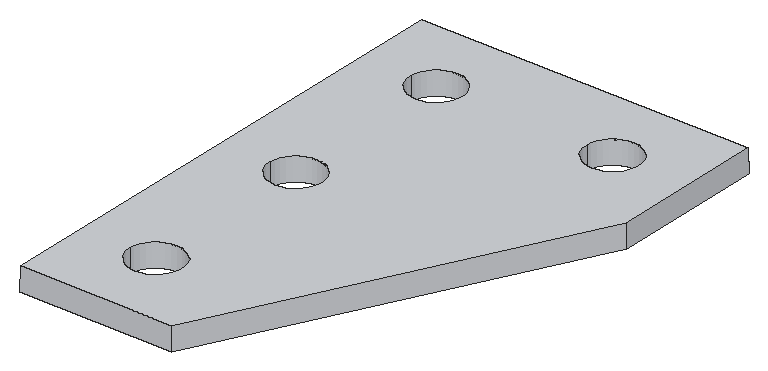
Revit family "Fitting-Flat_Plate-Unistrut-P1380", category Specialty Equipment, Revit 2012
Parameters (values of type "P1380")
  ecoScorecard_data = "http://products.ecoscorecard.com/atkore/P1380"
  ecoScorecard Product Page = "http://products.ecoscorecard.com/atkore/P1380?action=html"
  Weight Per Piece = 1.05 lbf
  Unit = none
  Unistrut Part Number = "P1380"  # constant formula
  URL = "http://unistrut.us/index.php"
  Thickness = 0' - 0 1/4"  # constant formula
  Subcategory = "Flat Plate Fittings"  # constant formula
  Product Page URL = "http://unistrut.us/index.php?WP=cat_detail&S=S05&P=P1380"
  Power Strut Part Number = "PS 750"  # constant formula
  Part Type = "Fitting"  # constant formula
  Overall Width = 0' - 5 3/8"  # constant formula
  Overall Length = 0' - 3 1/2"  # constant formula
  Model = "P1380"  # constant formula
  Material = ""
  Manufacturer Phone - Toll Free = "800-882-5543"  # constant formula
  Manufacturer Phone = "708-339-1610"  # constant formula
  Manufacturer Fax = "708-339-7814"  # constant formula
  Manufacturer Email = "mailto:jshaw@atkore.com"
  Manufacturer Address = "16100 South Lathrop Avenue, Harvey, IL 60426"  # constant formula
  Manufacturer = "Unistrut by Atkore International"  # constant formula
  Load Capacity Note = "Visit the product page for load application and capacity."  # constant formula
  Literature URL = "http://unistrut.us/index.php?WP=LItLibrary"
  Hole Diameter = 0' - 0 9/16"
  Cost Info = "mailto:jshaw@atkore.com"
  CAD URL = "http://unistrut.us/index.php?WP=CAD3d"
  Assembly Code = "D5020100"
  95 CSI = "16070"  # constant formula
  04 CSI = "26 05 48"  # constant formula
Reference planes (in)
  plane 1 "Center (Front/Back)": y = 0
  plane 2: z = 0
  plane 3 "Center (Left/Right)": x = 0
  plane 4: y = 2.6875
  plane 5: y = -2.6875
  plane 6: x = -1.75
  plane 7: x = 1.75
  plane 8: z = 0.25
  plane 9: y = 1.88046
  plane 10: y = -1.88046
Dimensions and locks (in)
  equal spacing: plane 6, plane 3 "Center (Left/Right)", plane 7
  "Overall Length": plane 6 to plane 7
  equal spacing: plane 4, plane 1 "Center (Front/Back)", plane 5
  "Overall Width": plane 4 to plane 5
  "Thickness": plane 8 to plane 2
  aligned and locked: level to plane 2
  aligned and locked: plane 3 "Center (Left/Right)" to nested 1
  aligned and locked: plane 1 "Center (Front/Back)" to nested 1
Nested families (in)
  nested 1: "1380" at (0, 0, 0), type "1380"
Definition of nested family "1380"
  Parameters (values of type "P1380")
    Width = 0' - 5 3/8"
    Unit = none
    Thickness = 0' - 0 1/4"
    Radiuis = Diameter / 2  # 0' - 0 9/32"
    Length = 0' - 3 1/2"
    Diameter = 0' - 0 9/16"
  Reference planes (in)
    plane 1 "Center (Front/Back)": y = 0
    plane 2: z = 0
    plane 3 "Center (Left/Right)": x = 0
    plane 4: y = 2.6875
    plane 5: y = -2.6875
    plane 6: x = -1.75
    plane 7: x = 1.75
    plane 8: z = 0.25
    plane 9: through (1.75, 1.0625, 48) normal (0.8944, -0.4472, 0)
  Forms (in)
    Extrusion 1, solid, material <- "Unit"
      sketch origin (0, 0, 0) x (1, 0, 0) y (0, 1, 0)
        loop
          line (-1.75, 2.6875) -> (-1.75, -2.6875) -> (-0.125, -2.6875) -> (1.75, 1.0625) -> (1.75, 2.6875) -> (-1.75, 2.6875)
        loop
          circle (-0.94377, 1.88046) r 0.28125
        loop
          circle (0.94377, 1.88046) r 0.28125
        loop
          circle (-0.94531, 0) r 0.28125
        loop
          circle (-0.94377, -1.88046) r 0.28125
      from 0 to 0.25
  Dimensions and locks (in)
    equal spacing: plane 6, plane 3 "Center (Left/Right)", plane 7
    "Length": plane 6 to plane 7
    equal spacing: plane 4, plane 1 "Center (Front/Back)", plane 5
    "Width": plane 4 to plane 5
    "Thickness": plane 8 to plane 2
    locked: plane 6 to Extrusion 1 sketch curve at 0.80623  (x2)
    locked: plane 4 to Extrusion 1 sketch curve at 0.80704  (x2)
    locked: Extrusion 1 sketch curve to plane 7 at 0.80623
    locked: plane 6 to Extrusion 1 sketch curve at 0.80469
    locked: plane 5 to Extrusion 1 sketch curve at 0.80704
    "Radiuis": radius of Extrusion 1 sketch curve  (x3)
    aligned and locked: level to plane 2
    aligned and locked: Extrusion 1 sketch curve to plane 4
    aligned and locked: Extrusion 1 sketch curve to plane 6
    aligned and locked: plane 7 to Extrusion 1 sketch curve
    aligned and locked: Extrusion 1 sketch curve to plane 9
    aligned and locked: plane 5 to Extrusion 1 sketch curve
    aligned and locked: plane 1 "Center (Front/Back)" to Extrusion 1 sketch curve
    aligned and locked: Extrusion 1 to level
    aligned and locked: plane 8 to Extrusion 1
    aligned and locked: plane 9 to Extrusion 1
  Automatic sketch dimensions
    radius of Extrusion 1 sketch curve = 0' - 0 9/32"
